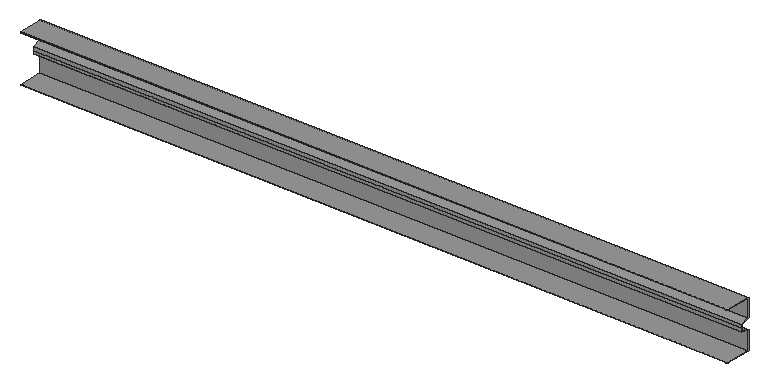
Revit family "CEMCO-ProXHeaderOuter", category Structural Framing, Revit 2026
Family settings
  Section Shape = Not Defined
  Material for Model Behavior = Other
  Always export as geometry = No
  Classification Number = 23.25.30.11.14.14
  Always vertical = Yes
  Cut with Voids When Loaded = No
  Symbolic Representation = From Family
  Shared = No
  Show family pre-cut in plan views = Yes
Parameters (values of type "600X425-33")
  tf = 0.035"
  d = 8.000"
  bf = 4.250"
  Xcg = 0.000"
  Width5 = Width3 - 2 * Thickness  # 0.91828"
  Width4 = Width2 - 2 * Thickness  # 1.82844"
  Width3 = 0.98828"  # constant formula
  Width2 = 1.89844"  # constant formula
  Width1 = Width - 2 * Thickness  # 7.930"
  Width = d  # 8.000"
  URL = "https://cemcosteel.com/product-category/steel-framing-prox-header/"
  Thickness = tf  # 0.035"
  Structural Material [instance] = Steel, Galvanized
  Product Submittal Link = "https://cemcosteel.com/product/prox-header/"
  Product Info = "ProX Header®"
  Model = "V1"
  Manufacturer = "CEMCO"
  Length [instance] = 120.000"
  Keynote = "092216"
  Height2 = 1.39062"  # constant formula
  Height1 = Height - Thickness  # 4.215"
  Height = bf  # 4.250"
  Description = "CEMCO ProX Header®"
  BIMSF_Filter = "ProX Header, MWF"  # constant formula
  Assembly Code = "C1010100"
Types (4): name | Assembly Code
  (no name) | "C1010100"
  362X425-33 | "B1010"
  400X425-33 | "B1010"
  600X425-33 | "C1010100"
Reference planes (in)
  plane 1 "Center (Front/Back)": y = 0
  plane 2 "Center El.": z = 0
  plane 3 "Center (Left/Right)": x = 0
  plane 4 "Left": x = -60
  plane 5 "Right": x = 60
  plane 6: z = -4.035
  plane 7: z = -4
  plane 8: z = -0.91422
  plane 9: z = -0.94922
  plane 10: z = -0.49414
  plane 11: z = -0.45914
  plane 12: y = -2.125
  plane 13: y = 0.69937
  plane 14: y = 0.73437
  plane 15: y = 2.09
  plane 16: y = 2.125
  plane 17: z = 4.035
  plane 18: z = 4
  plane 19: z = 0.45914
  plane 20: z = 0.94922
  plane 21: z = 0.49414
  plane 22: z = 0.91422
Forms (in)
  Extrusion 1, solid, material "Steel, Galvanized" <- "Structural Material", detail levels medium+fine
    sketch origin (0, 0, 0) x (0, 1, 0) y (0, 0, 1)
      loop
        line (-2.125, -4.035) -> (2.125, -4.035) -> (2.125, -0.91422) -> (0.73437, -0.45914) -> (0.73437, 0) -> (0.73437, 0.45914) -> (2.125, 0.91422) -> (2.125, 4.035) -> (-2.125, 4.035) -> (-2.125, 4) -> (2.09, 4) -> (2.09, 0.94922) -> (0.69937, 0.49414) -> (0.69937, 0) -> (0.69937, -0.49414) -> (2.09, -0.94922) -> (2.09, -4) -> (-2.125, -4) -> (-2.125, -4.035)
    from -60 to 60
Lines and regions (in)
  model lines, style "BIMSF.Framing", detail levels coarse
    curve 1: line (-60, 0, 0) -> (60, 0, 0)
Dimensions and locks (in)
  equal spacing: plane 4 "Left", plane 3 "Center (Left/Right)", plane 5 "Right"
  "Length": plane 4 "Left" to plane 5 "Right"
  equal spacing: plane 16, plane 1 "Center (Front/Back)", plane 12
  "bf": plane 16 to plane 12
  equal spacing: plane 21, level, plane 10
  equal spacing: plane 20, level, plane 9
  equal spacing: plane 17, level, plane 6
  equal spacing: plane 18, level, plane 7
  "Height2": plane 15 to plane 13
  equal spacing: plane 19, level, plane 11
  equal spacing: plane 22, level, plane 8
  "Width5": plane 19 to plane 11
  "Width3": plane 21 to plane 10
  "Width4": plane 22 to plane 8
  "Width2": plane 20 to plane 9
  "d": plane 7 to plane 18
  "tf": Extrusion 1 sketch curve to Extrusion 1 sketch curve
  "tf": plane 7 to plane 6
  "tf": plane 14 to plane 13
  "tf": plane 16 to plane 15
  aligned and locked: plane 1 "Center (Front/Back)" to curve 1
  aligned and locked: level to plane 2 "Center El."
  aligned and locked: plane 6 to Extrusion 1 sketch curve
  aligned and locked: plane 7 to Extrusion 1 sketch curve
  aligned and locked: plane 12 to Extrusion 1 sketch curve
  aligned and locked: plane 13 to Extrusion 1 sketch curve
  aligned and locked: Extrusion 1 sketch curve to plane 17
  aligned and locked: plane 5 "Right" to Extrusion 1  (x2)
  aligned and locked: plane 4 "Left" to Extrusion 1
  aligned and locked: Extrusion 1 to plane 4 "Left"
  aligned and locked: plane 4 "Left" to curve 1
  aligned and locked: plane 5 "Right" to curve 1
Automatic sketch dimensions
  plane 5 "Right" to curve 1 = 0.000"
  curve 1 to plane 4 "Left" = 0.000"
  Extrusion 1 sketch curve to plane 12 = 0.000"
  Extrusion 1 sketch curve to plane 14 = 0.000"
  Extrusion 1 sketch curve to plane 15 = 0.000"  (x2)
  Extrusion 1 sketch curve to plane 9 = 0.000"
  Extrusion 1 sketch curve to plane 16 = 0.000"  (x2)
  Extrusion 1 sketch curve to plane 8 = 0.000"
  Extrusion 1 sketch curve to plane 10 = 0.000"
  Extrusion 1 sketch curve to plane 11 = 0.000"
  Extrusion 1 sketch curve to level = 0.000"  (x2)
  plane 19 to Extrusion 1 sketch curve = 0.000"
  plane 21 to Extrusion 1 sketch curve = 0.000"
  plane 22 to Extrusion 1 sketch curve = 0.000"
  plane 20 to Extrusion 1 sketch curve = 0.000"
